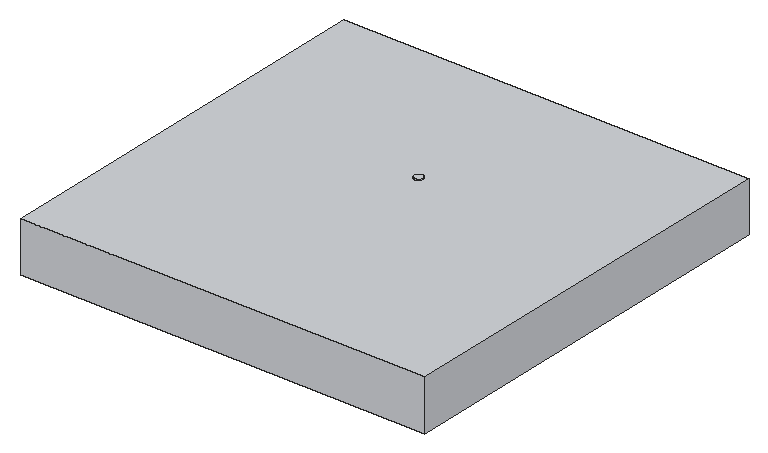
Revit family "GPC-CWFU", category Plumbing Equipment, host Face, Revit 2025
Family settings
  Host = Face
  Round Connector Dimension = Use Radius
  Classification = None
  Part Type = Normal
  OmniClass Number = 23.45.05.21.11.11
  OmniClass Title = Water Operated Water Closets
  Cut with Voids When Loaded = No
  Maintain Annotation Orientation = No
  Shared = No
  Room Calculation Point = No
Parameters (values of type "6 UDG")
  WFU = 3
  HWFU = 0
  Flow Pressure [instance] = 25.00 psi
  Cold Water Diameter [instance] = Cold Water Radius * 2  # 1"
  Cold Water Radius = 1/2"
  Pipe Material = none
  Default Elevation = 1' - 5"
  CWFU = 6
  Assembly Code = ""
Types (12): name | WFU | CWFU
  6 UDG | 3 | 6
  10 UDG | 4 | 10
  3 UDG | 3 | 3
  4.5 UDG | 3 | 4.5
  5 UDG | 3 | 5
  2 UDG | 3 | 2
  1 UDG | 3 | 1
  1.5 UDG | 3 | 1.5
  Public - 1.6 gpf | 4 | 10
  Private - 1.6 gpf | 3 | 6
  Private - Flushing Greater than 1.6 gpf | 4 | 6
  Public - Flushing Greater than 1.6 gpf | 6 | 10
Reference planes (in)
  plane 1 "Center (Front/Back)": y = 0
  plane 2: z = 0
  plane 3 "Center (Left/Right)": x = 0
Forms (in)
  Extrusion 1, solid
    sketch origin (0, 0, 0) x (1, 0, 0) y (0, 1, 0)
      loop
        line (-48, 48) -> (-48, -48) -> (48, -48) -> (48, 48) -> (-48, 48)
    from 0 to -12
  Extrusion 2, solid, material <- "Pipe Material"
    sketch origin (15.94107, -15.25857, 0) x (0, 1, 0) y (-1, 0, 0)
      loop
        circle (25.42564, 15.94107) r 1
    from 0.11719 to 0
Lines and regions (in)
  reference lines
    curve 1: line (2.5, -7.75857, 0) -> (-2.5, -7.75857, 0)
    curve 2: line (0, -12.25857, 0) -> (0, 2.24143, 0)
Dimensions and locks (in)
  aligned and locked: plane 2 to Extrusion 1
  aligned and locked: level to Extrusion 1
Connectors (in)
  piping at (0, 10.16708, 0), diameter 1, driven by "CWFU", driven by "Cold Water Radius", driven by "Flow Pressure"
    settings: on Extrusion 2, index 1, connector inside diameter 1", connector length 0' - 0", flow factor 0, pipe flow 0 GPM, pressure drop 25.00 psi, fitting loss kfactor 0, connector angle 0.00°, fixture units 6, engagement length 0' - 0", angle of deflection 0.00°, flow configuration 3, flow direction 1, fitting loss method 4, system type 20, joint type 0, gender type 0, connector reference index -1, connector utility 0, adjustable connector no, is connector primary yes, connector description "In"
